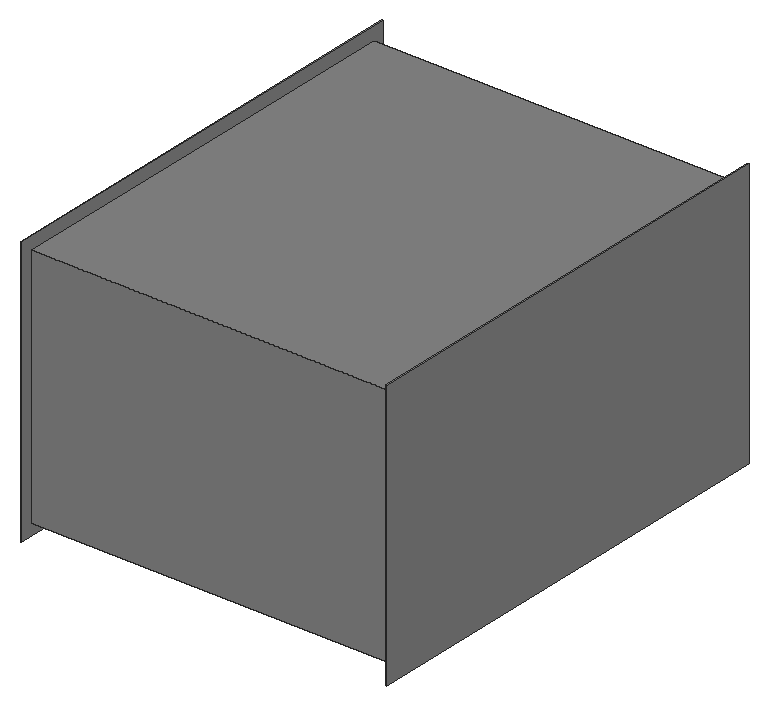
Revit family "НЕВАТОМ_Шумоглушитель ГТП, Версия 2", category Арматура воздуховодов, Revit 2017
Family settings
  Размер круглого соединителя = Использовать диаметр
  Тип детали = Вставляется
  На основе рабочей плоскости = Нет
  Всегда вертикально = Да
  При загрузке вырезать с полостями = Нет
  Общий = Нет
Parameters (values of type "ГТП 700-400-600")
  ADSK_Материал = Сталь оцинкованная
  Ключевая пометка = "Вентиляция"
  Nevatom_URL = "https://t.me/NEVATOM_Bim_bot"
  L = 600 mm
  B1 = B + 40 mm  # 440 mm
  B = 400 mm
  ADSK_Расход воздуха [instance] = 0.0 m³/h
  ADSK_Размер_Ширина = L  # 600 mm
  ADSK_Размер_Длина = A  # 700 mm
  ADSK_Размер_Высота = B  # 400 mm
  ADSK_Примечание = ""
  ADSK_Потеря давления воздуха [instance] = 0.0 Pa
  ADSK_Позиция = ""
  ADSK_Наименование = "Глушитель ГТП"  # constant formula
  ADSK_Материал наименование = "Оцинкованная сталь"  # constant formula
  ADSK_Масса_Текст = ""
  ADSK_Масса = 0
  ADSK_Марка = "ГТП 700-400-600"
  ADSK_Количество = 1  # constant formula
  ADSK_Код изделия = ""
  ADSK_Завод-изготовитель = "НЕВАТОМ"  # constant formula
  ADSK_Единица измерения = "шт."  # constant formula
  A1 = A + 40 mm  # 740 mm
  A = 700 mm
Types (20, lengths in mm): name | L | B1 | B | ADSK_Размер_Ширина | ADSK_Размер_Длина | ADSK_Размер_Высота | ADSK_Марка | A1 | A
  ГТП 300-150-600 | 600 | 190 | 150 | 600 | 300 | 150 | "ГТП 300-150-600" | 340 | 300
  ГТП 1000-500-600 | 600 | 540 | 500 | 600 | 1000 | 500 | "ГТП 1000-500-600" | 1040 | 1000
  ГТП 400-200-600 | 600 | 240 | 200 | 600 | 400 | 200 | "ГТП 400-200-600" | 440 | 400
  ГТП 500-250-600 | 600 | 290 | 250 | 600 | 500 | 250 | "ГТП 500-250-600" | 540 | 500
  ГТП 500-300-600 | 600 | 340 | 300 | 600 | 500 | 300 | "ГТП 500-300-600" | 540 | 500
  ГТП 600-300-600 | 600 | 340 | 300 | 600 | 600 | 300 | "ГТП 600-300-600" | 640 | 600
  ГТП 600-350-600 | 600 | 390 | 350 | 600 | 600 | 350 | "ГТП 600-350-600" | 640 | 600
  ГТП 700-400-600 | 600 | 440 | 400 | 600 | 700 | 400 | "ГТП 700-400-600" | 740 | 700
  ГТП 800-500-600 | 600 | 540 | 500 | 600 | 800 | 500 | "ГТП 800-500-600" | 840 | 800
  ГТП 1000-500-900 | 900 | 540 | 500 | 900 | 1000 | 500 | "ГТП 1000-500-900" | 1040 | 1000
  ГТП 300-150-900 | 900 | 190 | 150 | 900 | 300 | 150 | "ГТП 300-150-900" | 340 | 300
  ГТП 400-200-900 | 900 | 240 | 200 | 900 | 400 | 200 | "ГТП 400-200-900" | 440 | 400
  ГТП 500-250-900 | 900 | 290 | 250 | 900 | 500 | 250 | "ГТП 500-250-900" | 540 | 500
  ГТП 500-300-900 | 900 | 340 | 300 | 900 | 500 | 300 | "ГТП 500-300-900" | 540 | 500
  ГТП 600-300-900 | 900 | 340 | 300 | 900 | 600 | 300 | "ГТП 600-300-900" | 640 | 600
  ГТП 600-350-900 | 900 | 390 | 350 | 900 | 600 | 350 | "ГТП 600-350-900" | 640 | 600
  ГТП 700-400-900 | 900 | 440 | 400 | 900 | 700 | 400 | "ГТП 700-400-900" | 740 | 700
  ГТП 800-500-900 | 900 | 540 | 500 | 900 | 800 | 500 | "ГТП 800-500-900" | 840 | 800
  ГТП 900-500-600 | 600 | 540 | 500 | 600 | 900 | 500 | "ГТП 900-500-600" | 940 | 900
  ГТП 900-500-900 | 900 | 540 | 500 | 900 | 900 | 500 | "ГТП 900-500-900" | 940 | 900
Reference planes
  plane 1 "По центру (Вперед/Назад)": y = 0
  plane 2: z = 0
  plane 3 "По центру (Влево/Вправо)": x = 0
  plane 4: x = -300
  plane 5: x = 300
  plane 6: x = 298
  plane 7: x = -298
  plane 8: y = 350
  plane 9: y = 370
  plane 10: z = 200
  plane 11: z = 220
  plane 12: z = -200
  plane 13: z = -220
  plane 14: y = -350
  plane 15: y = -370
Forms (mm)
  Extrusion 1, void, not visible
    sketch origin (-345, -245, 50) x (0, -1, 0) y (0, 0, -1)
      loop
        line (-477.965, -475) -> (-477.965, -450) -> (-528.913, -450) -> (-528.913, -475) -> (-477.965, -475)
    from -47.452 to 12
  Extrusion 2, solid, material "Сталь оцинкованная" <- "ADSK_Материал"
    sketch origin (0, 0, 0) x (0, 1, 0) y (0, 0, 1)
      loop
        line (350, 200) -> (-350, 200) -> (-350, -200) -> (350, -200) -> (350, 200)
    from -300 to 300
  Extrusion 3, solid, material "Сталь оцинкованная" <- "ADSK_Материал"
    sketch origin (0, 0, 0) x (0, 1, 0) y (0, 0, 1)
      loop
        line (370, 220) -> (-370, 220) -> (-370, -220) -> (370, -220) -> (370, 220)
    from -300 to -298
  Extrusion 4, solid, material "Сталь оцинкованная" <- "ADSK_Материал"
    sketch origin (0, 0, 0) x (0, 1, 0) y (0, 0, -1)
      loop
        line (370, -220) -> (370, 220) -> (-370, 220) -> (-370, -220) -> (370, -220)
    from -300 to -298
Cuts and joins
  joined: Extrusion 2, Extrusion 3, Extrusion 4
Lines and regions (mm)
  model lines, not visible, detail levels coarse
    curve 1: circle (0, 0, 0) r 135 normal (0, 0, 1)
    curve 2: line (-135, 0, 0) -> (43.681, 127.738, 0)
    curve 3: line (-135, 0, 0) -> (43.681, -127.738, 0)
    curve 4: line (43.681, 127.738, 0) -> (43.681, -127.738, 0)
  model lines, not visible, detail levels medium
    curve 5: circle (0, 0, 0) r 90 normal (0, -1, 0)
    curve 6: line (-90, 0, 0) -> (39.046, 0, 81.089)
    curve 7: line (-90, 0, 0) -> (39.046, 0, -81.089)
    curve 8: line (39.046, 0, 81.089) -> (39.046, 0, -81.089)
Dimensions and locks
  equal spacing: plane 4, plane 3 "По центру (Влево/Вправо)", plane 5
  "L": plane 4 to plane 5
  locked: plane 4 to plane 7 at 2
  locked: plane 6 to plane 5 at 2
  equal spacing: plane 8, plane 1 "По центру (Вперед/Назад)", plane 14
  "A1": plane 9 to plane 15
  equal spacing: plane 10, level, plane 12
  "B": plane 12 to plane 10
  equal spacing: plane 9, plane 1 "По центру (Вперед/Назад)", plane 15
  "A": plane 8 to plane 14
  equal spacing: plane 11, level, plane 13
  "B1": plane 11 to plane 13
  aligned and locked: level to plane 2
  aligned and locked: plane 10 to Extrusion 2 sketch curve
  aligned and locked: Extrusion 2 sketch curve to plane 8
  aligned and locked: plane 12 to Extrusion 2 sketch curve
  aligned and locked: Extrusion 2 sketch curve to plane 14
  aligned and locked: Extrusion 3 sketch curve to plane 11
  aligned and locked: Extrusion 3 sketch curve to plane 9
  aligned and locked: Extrusion 3 sketch curve to plane 13
  aligned and locked: Extrusion 3 sketch curve to plane 15
  aligned and locked: Extrusion 3 to plane 4
  aligned and locked: plane 7 to Extrusion 3
  aligned and locked: Extrusion 2 to plane 5
  aligned and locked: Extrusion 2 to plane 4
  aligned and locked: Extrusion 4 to plane 5
  aligned and locked: Extrusion 4 to plane 6
Automatic sketch dimensions
  plane 11 to Extrusion 4 sketch curve = 0 mm
  Extrusion 4 sketch curve to plane 15 = 0 mm
  Extrusion 4 sketch curve to plane 9 = 0 mm
  Extrusion 4 sketch curve to plane 13 = 0 mm
Nested families
  nested 1: "крепление 15мм" at (-330, 229.965, 495), type "крепление 15мм", not visible
Connectors
  hvac at (-300, 0, 0), driven by "B", driven by "A"
    settings: on cut or joined group of Extrusion 2, Extrusion 3, Extrusion 4, index 1, duct flow 0.0 m³/h, flow factor 0, pres drop 0.0 Pa, loss coef 0, conn angle 0.00°, conn width 700 mm, conn height 400 mm, conn diameter 609.6 mm, duct sys type 29, conn prof type 1, flow config 0, flow direction 0, loss method 0, conn ref index 2, conn util no, is conn primary yes, conn desc ""
  hvac at (300, 0, 0), driven by "B", driven by "A"
    settings: on cut or joined group of Extrusion 2, Extrusion 3, Extrusion 4, index 2, duct flow 0.0 m³/h, flow factor 0, pres drop 0.0 Pa, loss coef 0, conn angle 0.00°, conn width 700 mm, conn height 400 mm, conn diameter 609.6 mm, duct sys type 29, conn prof type 1, flow config 0, flow direction 0, loss method 0, conn ref index 1, conn util no, is conn primary no, conn desc ""
Definition of nested family "крепление 15мм"
  Parameters (values of type "крепление 15мм")
    Материал крепления = none
  Reference planes
    plane 1 "По центру (Вперед/Назад)": y = 0
    plane 2: z = 0
    plane 3 "По центру (Влево/Вправо)": x = 0
  Forms (mm)
    Extrusion 1, solid, material <- "Материал крепления"
      sketch origin (0, 0, 0) x (1, 0, 0) y (0, 1, 0)
        loop
          line (-25, 0) -> (0, 0) -> (0, 18.31) -> (0, 25) -> (-3, 25) -> (-3, 3) -> (-25, 3) -> (-25, 0)
      from 0 to 30
    Extrusion 2, void
      sketch origin (0, 0, 0) x (1, 0, 0) y (0, 1, 0)
        loop
          line (-3, 3) -> (-3, 54.96) -> (-58, 54.96) -> (-58, 3) -> (-3, 3)
      from 0 to 15
  Cuts and joins
    Extrusion 2 cuts Extrusion 1
  Dimensions and locks
    Extrusion 1 sketch curve to Extrusion 1 sketch curve = 3 mm  (x2)
    Extrusion 1 sketch curve to Extrusion 1 sketch curve to plane 3 "По центру (Влево/Вправо)" = 25 mm, 0 mm
    Extrusion 1 sketch curve to Extrusion 1 sketch curve = 25 mm
    aligned and locked: level to plane 2
